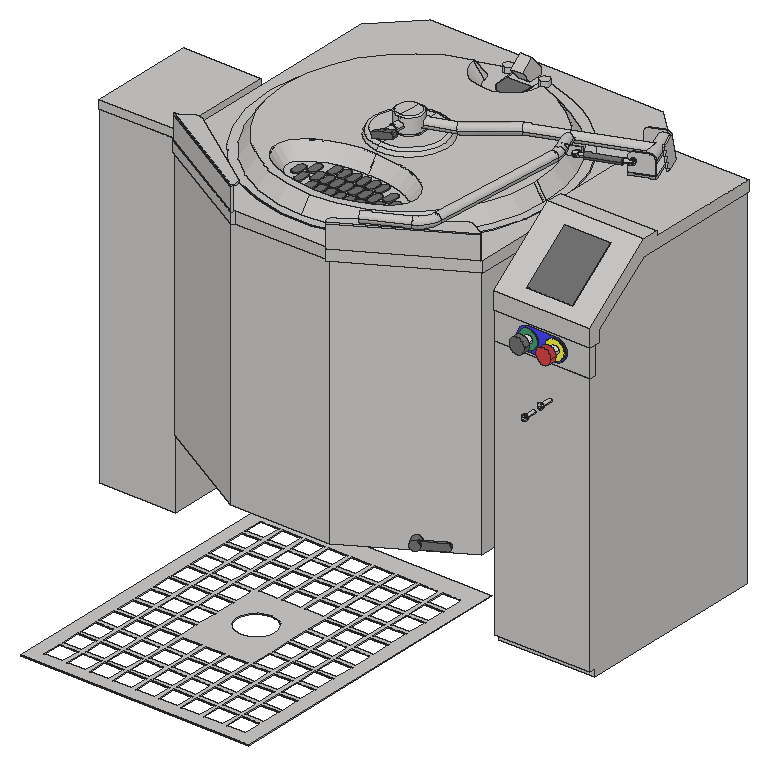
Revit family "QF_DIETATEC_CELER_150_180516035824", category Specialty Equipment, Revit 2015
Parameters
  Width [instance] = 1305 mm
  Weight in Pounds [instance] = 440.92
  Volts [instance] = 400 V
  URL Cutsheet [instance] = ""
  URL = "www.dietatec.com"
  Status [instance] = ""
  Specification by User [instance] = ""
  Specification by Manufacturer [instance] = ""
  Serial Number [instance] = "CELER_150"
  Seismic Rating [instance] = ""
  SMACNA No [instance] = ""
  Revision Code [instance] = ""
  Phase [instance] = 0
  Number of Poles [instance] = 3
  NAFEM Spec ID Number [instance] = ""
  Model = "57634"
  Min Ckt Ampacity [instance] = 0 A
  Max Overcurrent Protection [instance] = 0 A
  Masterspec [instance] = ""
  Manufacturer = "DIETATEC"
  ListPrice [instance] = 0
  Item Number [instance] = ""
  Installed By [instance] = ""
  Identify Quantity as Lot [instance] = yes
  Height [instance] = 1000 mm
  HP [instance] = ""
  Furnished By [instance] = ""
  Foodservice Equipment Identifier [instance] = yes
  FL Amps [instance] = 50 A
  Elec Conn RI Height [instance] = 0 mm
  Elec Conn Connection Height [instance] = 120 mm
  Description = "DIETA CELER 150 KETTLE, ELECTRIC MODEL"
  Depth [instance] = 882 mm
  Cycle [instance] = 50 Hz
  Conn Plug [instance] = ""
  Conn Conduit [instance] = yes
  CSI MasterFormat [instance] = ""
  Assembly Code = "E1090320"
  Apparent Power [instance] = 26000 VA
Reference planes
  plane 1 "Center (Front/Back)": y = 0
  plane 2: z = 0
  plane 3 "Center (Left/Right)": x = 0
Forms (mm)
  Extrusion 1, solid, not visible
    sketch origin (954.4, -182.2, 120) x (1, 0, 0) y (0, 1, 0)
      loop
        line (0, 0) -> (2, 0) -> (2, 2) -> (0, 2) -> (0, 0)
    from 0 to 2
Dimensions and locks
  aligned and locked: level to plane 2
Nested families
  nested 1: "QF_Dietatec_CELER_150_FL" at (0, 0, 0), type "57634_400_3"
    with Width 1305 mm, Status "", Specification by User "", Show Logo yes, Show Clearance yes, Revision Code "", Plumbing Remarks "", Plumbing Connection Type "", Number of Poles 3, ListPrice 0, Item Number "", Installed By "", Identify Quantity as Lot no, Height 1000 mm, Furnished By "", Foodservice Equipment Identifier yes, Electrical Remarks "", Electric Connection Type "", Elec Conn RI Height 0 mm, Elec Conn Connection Height 120 mm, Depth 882 mm, Conn Conduit no, Cold Water RI Height 120 mm, Cold Water Flow 0.0 L/s, Cold Water Consumption "", Cold Water Connection Height 120 mm
  nested 2: "QF_Dietatec_KETTLE_LEFT_LEG" at (0, -84, 0), type "KETTLE_LEFT_LEG"
    with Width 275 mm, Status "", Specification by User "", Show Logo yes, Show Clearance yes, Revision Code "", ListPrice 0, Item Number "", Installed By "", Identify Quantity as Lot no, Height 900 mm, Furnished By "", Foodservice Equipment Identifier yes, Depth 200 mm
Connectors
  electrical at (955.4, -180.2, 121), driven by "Volts"
    settings: on Extrusion 1, index 1, voltage 400 V, apparent load 26000 VA, apparent load phase1 0 VA, apparent load phase2 0 VA, apparent load phase3 0 VA, power factor 1, load classification "Other", number of poles 1, system type 30, power factor state 1, is connector primary yes, connector utility no, sub classification motor no, connector description "Electrical connection"
Definition of nested family "QF_Dietatec_CELER_150_FL"
  Parameters (values of type "57634_400_3")
    Width [instance] = 0 mm
    Weight in Pounds = 440.924
    Watts = 750 W
    Volts = 230 V
    URL Cutsheet = "www.dietatec.com"
    URL = "www.dietatec.com"
    Status [instance] = ""
    Specification by User [instance] = ""
    Specification by Manufacturer = ""
    Show Logo [instance] = yes
    Show Clearance [instance] = yes
    Serial Number = ""
    Seismic Rating = ""
    SMACNA No = ""
    Revision Code [instance] = ""
    Plumbing Remarks [instance] = ""
    Plumbing Connection Type [instance] = ""
    Phase = 1
    Number of Poles [instance] = 1
    NAFEM Spec ID Number = ""
    Model = "57634+43730"
    Min Ckt Ampacity = 0 A
    Max Overcurrent Protection = 0 A
    Masterspec = ""
    Manufacturer = "DIETATEC"
    ListPrice [instance] = 0
    Item Number [instance] = ""
    Installed By [instance] = ""
    Identify Quantity as Lot [instance] = no
    Height [instance] = 0 mm
    HP = "1.005765000000"
    Furnished By [instance] = ""
    Foodservice Equipment Identifier [instance] = yes
    FL Amps = 16 A
    Electrical Remarks [instance] = ""
    Electric Connection Type [instance] = ""
    Elec Conn RI Height [instance] = 0 mm
    Elec Conn Connection Height [instance] = 120 mm
    Description = "DIETA CELER 150 KETTLE, STEAM MODEL"
    Depth [instance] = 0 mm
    Cycle = 50 Hz
    Conn Plug = ""
    Conn Conduit [instance] = no
    Cold Water Temperature Recommended = 0 °C
    Cold Water Size = 12.7 mm
    Cold Water RI Height [instance] = 120 mm
    Cold Water Minimum Pressure = 20000.0 Pa
    Cold Water Maximum Pressure = 50000.0 Pa
    Cold Water Flow [instance] = 0.0 L/s
    Cold Water Consumption [instance] = ""
    Cold Water Connection Height [instance] = 120 mm
    CSI MasterFormat = ""
    Assembly Code = "E1090320"
    Apparent Power = 750 VA
  Reference planes
    plane 1 "Back": y = 0
    plane 2: z = 0
    plane 3 "Left": x = 0
    plane 4 "Right": x = 1101.351
    plane 5 "Front": y = -882.143
    plane 6 "Top": z = 1000
  Forms (mm)
    Extrusion 1, solid
      sketch origin (1928.665, 818.484, 150) x (1, 0, 0) y (0, 1, 0)
        loop
          line (-1804.703, -1372.685) -> (-1804.703, -2172.685) -> (-1204.703, -2172.685) -> (-1204.703, -1372.685) -> (-1804.703, -1372.685)
        loop
          line (-1769.703, -1427.685) -> (-1769.703, -1477.685) -> (-1719.703, -1477.685) -> (-1719.703, -1427.685) -> (-1769.703, -1427.685)
        loop
          line (-1709.703, -1427.685) -> (-1709.703, -1477.685) -> (-1659.703, -1477.685) -> (-1659.703, -1427.685) -> (-1709.703, -1427.685)
        loop
          line (-1649.703, -1427.685) -> (-1649.703, -1477.685) -> (-1599.703, -1477.685) -> (-1599.703, -1427.685) -> (-1649.703, -1427.685)
        loop
          line (-1589.703, -1427.685) -> (-1589.703, -1477.685) -> (-1539.703, -1477.685) -> (-1539.703, -1427.685) -> (-1589.703, -1427.685)
        loop
          line (-1529.703, -1427.685) -> (-1529.703, -1477.685) -> (-1479.703, -1477.685) -> (-1479.703, -1427.685) -> (-1529.703, -1427.685)
        loop
          line (-1469.703, -1427.685) -> (-1469.703, -1477.685) -> (-1419.703, -1477.685) -> (-1419.703, -1427.685) -> (-1469.703, -1427.685)
        loop
          line (-1409.703, -1427.685) -> (-1409.703, -1477.685) -> (-1359.703, -1477.685) -> (-1359.703, -1427.685) -> (-1409.703, -1427.685)
        loop
          line (-1349.703, -1427.685) -> (-1349.703, -1477.685) -> (-1299.703, -1477.685) -> (-1299.703, -1427.685) -> (-1349.703, -1427.685)
        loop
          line (-1289.703, -1427.685) -> (-1289.703, -1477.685) -> (-1239.703, -1477.685) -> (-1239.703, -1427.685) -> (-1289.703, -1427.685)
        loop
          line (-1769.703, -1487.685) -> (-1769.703, -1537.685) -> (-1719.703, -1537.685) -> (-1719.703, -1487.685) -> (-1769.703, -1487.685)
        loop
          line (-1709.703, -1487.685) -> (-1709.703, -1537.685) -> (-1659.703, -1537.685) -> (-1659.703, -1487.685) -> (-1709.703, -1487.685)
        loop
          line (-1649.703, -1487.685) -> (-1649.703, -1537.685) -> (-1599.703, -1537.685) -> (-1599.703, -1487.685) -> (-1649.703, -1487.685)
        loop
          line (-1589.703, -1487.685) -> (-1589.703, -1537.685) -> (-1539.703, -1537.685) -> (-1539.703, -1487.685) -> (-1589.703, -1487.685)
        loop
          line (-1529.703, -1487.685) -> (-1529.703, -1537.685) -> (-1479.703, -1537.685) -> (-1479.703, -1487.685) -> (-1529.703, -1487.685)
        loop
          line (-1469.703, -1487.685) -> (-1469.703, -1537.685) -> (-1419.703, -1537.685) -> (-1419.703, -1487.685) -> (-1469.703, -1487.685)
        loop
          line (-1409.703, -1487.685) -> (-1409.703, -1537.685) -> (-1359.703, -1537.685) -> (-1359.703, -1487.685) -> (-1409.703, -1487.685)
        loop
          line (-1349.703, -1487.685) -> (-1349.703, -1537.685) -> (-1299.703, -1537.685) -> (-1299.703, -1487.685) -> (-1349.703, -1487.685)
        loop
          line (-1289.703, -1487.685) -> (-1289.703, -1537.685) -> (-1239.703, -1537.685) -> (-1239.703, -1487.685) -> (-1289.703, -1487.685)
        loop
          line (-1769.703, -1547.685) -> (-1769.703, -1597.685) -> (-1719.703, -1597.685) -> (-1719.703, -1547.685) -> (-1769.703, -1547.685)
        loop
          line (-1709.703, -1547.685) -> (-1709.703, -1597.685) -> (-1659.703, -1597.685) -> (-1659.703, -1547.685) -> (-1709.703, -1547.685)
        loop
          line (-1649.703, -1547.685) -> (-1649.703, -1597.685) -> (-1599.703, -1597.685) -> (-1599.703, -1547.685) -> (-1649.703, -1547.685)
        loop
          line (-1589.703, -1547.685) -> (-1589.703, -1597.685) -> (-1539.703, -1597.685) -> (-1539.703, -1547.685) -> (-1589.703, -1547.685)
        loop
          line (-1529.703, -1547.685) -> (-1529.703, -1597.685) -> (-1479.703, -1597.685) -> (-1479.703, -1547.685) -> (-1529.703, -1547.685)
        loop
          line (-1469.703, -1547.685) -> (-1469.703, -1597.685) -> (-1419.703, -1597.685) -> (-1419.703, -1547.685) -> (-1469.703, -1547.685)
        loop
          line (-1409.703, -1547.685) -> (-1409.703, -1597.685) -> (-1359.703, -1597.685) -> (-1359.703, -1547.685) -> (-1409.703, -1547.685)
        loop
          line (-1349.703, -1547.685) -> (-1349.703, -1597.685) -> (-1299.703, -1597.685) -> (-1299.703, -1547.685) -> (-1349.703, -1547.685)
        loop
          line (-1289.703, -1547.685) -> (-1289.703, -1597.685) -> (-1239.703, -1597.685) -> (-1239.703, -1547.685) -> (-1289.703, -1547.685)
        loop
          line (-1769.703, -1607.685) -> (-1769.703, -1657.685) -> (-1719.703, -1657.685) -> (-1719.703, -1607.685) -> (-1769.703, -1607.685)
        loop
          line (-1709.703, -1607.685) -> (-1709.703, -1657.685) -> (-1659.703, -1657.685) -> (-1659.703, -1607.685) -> (-1709.703, -1607.685)
        loop
          line (-1649.703, -1607.685) -> (-1649.703, -1657.685) -> (-1599.703, -1657.685) -> (-1599.703, -1607.685) -> (-1649.703, -1607.685)
        loop
          line (-1589.703, -1607.685) -> (-1589.703, -1657.685) -> (-1539.703, -1657.685) -> (-1539.703, -1607.685) -> (-1589.703, -1607.685)
        loop
          line (-1529.703, -1607.685) -> (-1529.703, -1657.685) -> (-1479.703, -1657.685) -> (-1479.703, -1607.685) -> (-1529.703, -1607.685)
        loop
          line (-1469.703, -1607.685) -> (-1469.703, -1657.685) -> (-1419.703, -1657.685) -> (-1419.703, -1607.685) -> (-1469.703, -1607.685)
        loop
          line (-1409.703, -1607.685) -> (-1409.703, -1657.685) -> (-1359.703, -1657.685) -> (-1359.703, -1607.685) -> (-1409.703, -1607.685)
        loop
          line (-1349.703, -1607.685) -> (-1349.703, -1657.685) -> (-1299.703, -1657.685) -> (-1299.703, -1607.685) -> (-1349.703, -1607.685)
        loop
          line (-1289.703, -1607.685) -> (-1289.703, -1657.685) -> (-1239.703, -1657.685) -> (-1239.703, -1607.685) -> (-1289.703, -1607.685)
        loop
          line (-1769.703, -1667.685) -> (-1769.703, -1717.685) -> (-1719.703, -1717.685) -> (-1719.703, -1667.685) -> (-1769.703, -1667.685)
        loop
          line (-1709.703, -1667.685) -> (-1709.703, -1717.685) -> (-1659.703, -1717.685) -> (-1659.703, -1667.685) -> (-1709.703, -1667.685)
        loop
          line (-1649.703, -1667.685) -> (-1649.703, -1717.685) -> (-1599.703, -1717.685) -> (-1599.703, -1667.685) -> (-1649.703, -1667.685)
        loop
          line (-1409.703, -1667.685) -> (-1409.703, -1717.685) -> (-1359.703, -1717.685) -> (-1359.703, -1667.685) -> (-1409.703, -1667.685)
        loop
          line (-1349.703, -1667.685) -> (-1349.703, -1717.685) -> (-1299.703, -1717.685) -> (-1299.703, -1667.685) -> (-1349.703, -1667.685)
        loop
          line (-1289.703, -1667.685) -> (-1289.703, -1717.685) -> (-1239.703, -1717.685) -> (-1239.703, -1667.685) -> (-1289.703, -1667.685)
        loop
          line (-1769.703, -1727.685) -> (-1769.703, -1777.685) -> (-1719.703, -1777.685) -> (-1719.703, -1727.685) -> (-1769.703, -1727.685)
        loop
          line (-1709.703, -1727.685) -> (-1709.703, -1777.685) -> (-1659.703, -1777.685) -> (-1659.703, -1727.685) -> (-1709.703, -1727.685)
        loop
          line (-1649.703, -1727.685) -> (-1649.703, -1777.685) -> (-1599.703, -1777.685) -> (-1599.703, -1727.685) -> (-1649.703, -1727.685)
        loop
          line (-1409.703, -1727.685) -> (-1409.703, -1777.685) -> (-1359.703, -1777.685) -> (-1359.703, -1727.685) -> (-1409.703, -1727.685)
        loop
          line (-1349.703, -1727.685) -> (-1349.703, -1777.685) -> (-1299.703, -1777.685) -> (-1299.703, -1727.685) -> (-1349.703, -1727.685)
        loop
          line (-1289.703, -1727.685) -> (-1289.703, -1777.685) -> (-1239.703, -1777.685) -> (-1239.703, -1727.685) -> (-1289.703, -1727.685)
        loop
          line (-1769.703, -1787.685) -> (-1769.703, -1837.685) -> (-1719.703, -1837.685) -> (-1719.703, -1787.685) -> (-1769.703, -1787.685)
        loop
          line (-1709.703, -1787.685) -> (-1709.703, -1837.685) -> (-1659.703, -1837.685) -> (-1659.703, -1787.685) -> (-1709.703, -1787.685)
        loop
          line (-1649.703, -1787.685) -> (-1649.703, -1837.685) -> (-1599.703, -1837.685) -> (-1599.703, -1787.685) -> (-1649.703, -1787.685)
        loop
          line (-1409.703, -1787.685) -> (-1409.703, -1837.685) -> (-1359.703, -1837.685) -> (-1359.703, -1787.685) -> (-1409.703, -1787.685)
        loop
          line (-1349.703, -1787.685) -> (-1349.703, -1837.685) -> (-1299.703, -1837.685) -> (-1299.703, -1787.685) -> (-1349.703, -1787.685)
        loop
          line (-1289.703, -1787.685) -> (-1289.703, -1837.685) -> (-1239.703, -1837.685) -> (-1239.703, -1787.685) -> (-1289.703, -1787.685)
        loop
          line (-1769.703, -1847.685) -> (-1769.703, -1897.685) -> (-1719.703, -1897.685) -> (-1719.703, -1847.685) -> (-1769.703, -1847.685)
        loop
          line (-1709.703, -1847.685) -> (-1709.703, -1897.685) -> (-1659.703, -1897.685) -> (-1659.703, -1847.685) -> (-1709.703, -1847.685)
        loop
          line (-1649.703, -1847.685) -> (-1649.703, -1897.685) -> (-1599.703, -1897.685) -> (-1599.703, -1847.685) -> (-1649.703, -1847.685)
        loop
          line (-1409.703, -1847.685) -> (-1409.703, -1897.685) -> (-1359.703, -1897.685) -> (-1359.703, -1847.685) -> (-1409.703, -1847.685)
        loop
          line (-1349.703, -1847.685) -> (-1349.703, -1897.685) -> (-1299.703, -1897.685) -> (-1299.703, -1847.685) -> (-1349.703, -1847.685)
        loop
          line (-1289.703, -1847.685) -> (-1289.703, -1897.685) -> (-1239.703, -1897.685) -> (-1239.703, -1847.685) -> (-1289.703, -1847.685)
        loop
          line (-1769.703, -1907.685) -> (-1769.703, -1957.685) -> (-1719.703, -1957.685) -> (-1719.703, -1907.685) -> (-1769.703, -1907.685)
        loop
          line (-1709.703, -1907.685) -> (-1709.703, -1957.685) -> (-1659.703, -1957.685) -> (-1659.703, -1907.685) -> (-1709.703, -1907.685)
        loop
          line (-1649.703, -1907.685) -> (-1649.703, -1957.685) -> (-1599.703, -1957.685) -> (-1599.703, -1907.685) -> (-1649.703, -1907.685)
        loop
          line (-1589.703, -1907.685) -> (-1589.703, -1957.685) -> (-1539.703, -1957.685) -> (-1539.703, -1907.685) -> (-1589.703, -1907.685)
        loop
          line (-1529.703, -1907.685) -> (-1529.703, -1957.685) -> (-1479.703, -1957.685) -> (-1479.703, -1907.685) -> (-1529.703, -1907.685)
        loop
          line (-1469.703, -1907.685) -> (-1469.703, -1957.685) -> (-1419.703, -1957.685) -> (-1419.703, -1907.685) -> (-1469.703, -1907.685)
        loop
          line (-1409.703, -1907.685) -> (-1409.703, -1957.685) -> (-1359.703, -1957.685) -> (-1359.703, -1907.685) -> (-1409.703, -1907.685)
        loop
          line (-1349.703, -1907.685) -> (-1349.703, -1957.685) -> (-1299.703, -1957.685) -> (-1299.703, -1907.685) -> (-1349.703, -1907.685)
        loop
          line (-1289.703, -1907.685) -> (-1289.703, -1957.685) -> (-1239.703, -1957.685) -> (-1239.703, -1907.685) -> (-1289.703, -1907.685)
        loop
          line (-1769.703, -1967.685) -> (-1769.703, -2017.685) -> (-1719.703, -2017.685) -> (-1719.703, -1967.685) -> (-1769.703, -1967.685)
        loop
          line (-1709.703, -1967.685) -> (-1709.703, -2017.685) -> (-1659.703, -2017.685) -> (-1659.703, -1967.685) -> (-1709.703, -1967.685)
        loop
          line (-1649.703, -1967.685) -> (-1649.703, -2017.685) -> (-1599.703, -2017.685) -> (-1599.703, -1967.685) -> (-1649.703, -1967.685)
        loop
          line (-1589.703, -1967.685) -> (-1589.703, -2017.685) -> (-1539.703, -2017.685) -> (-1539.703, -1967.685) -> (-1589.703, -1967.685)
        loop
          line (-1529.703, -1967.685) -> (-1529.703, -2017.685) -> (-1479.703, -2017.685) -> (-1479.703, -1967.685) -> (-1529.703, -1967.685)
        loop
          line (-1469.703, -1967.685) -> (-1469.703, -2017.685) -> (-1419.703, -2017.685) -> (-1419.703, -1967.685) -> (-1469.703, -1967.685)
        loop
          line (-1409.703, -1967.685) -> (-1409.703, -2017.685) -> (-1359.703, -2017.685) -> (-1359.703, -1967.685) -> (-1409.703, -1967.685)
        loop
          line (-1349.703, -1967.685) -> (-1349.703, -2017.685) -> (-1299.703, -2017.685) -> (-1299.703, -1967.685) -> (-1349.703, -1967.685)
        loop
          line (-1289.703, -1967.685) -> (-1289.703, -2017.685) -> (-1239.703, -2017.685) -> (-1239.703, -1967.685) -> (-1289.703, -1967.685)
        loop
          line (-1769.703, -2027.685) -> (-1769.703, -2077.685) -> (-1719.703, -2077.685) -> (-1719.703, -2027.685) -> (-1769.703, -2027.685)
        loop
          line (-1709.703, -2027.685) -> (-1709.703, -2077.685) -> (-1659.703, -2077.685) -> (-1659.703, -2027.685) -> (-1709.703, -2027.685)
        loop
          line (-1649.703, -2027.685) -> (-1649.703, -2077.685) -> (-1599.703, -2077.685) -> (-1599.703, -2027.685) -> (-1649.703, -2027.685)
        loop
          line (-1589.703, -2027.685) -> (-1589.703, -2077.685) -> (-1539.703, -2077.685) -> (-1539.703, -2027.685) -> (-1589.703, -2027.685)
        loop
          line (-1529.703, -2027.685) -> (-1529.703, -2077.685) -> (-1479.703, -2077.685) -> (-1479.703, -2027.685) -> (-1529.703, -2027.685)
        loop
          line (-1469.703, -2027.685) -> (-1469.703, -2077.685) -> (-1419.703, -2077.685) -> (-1419.703, -2027.685) -> (-1469.703, -2027.685)
        loop
          line (-1409.703, -2027.685) -> (-1409.703, -2077.685) -> (-1359.703, -2077.685) -> (-1359.703, -2027.685) -> (-1409.703, -2027.685)
        loop
          line (-1349.703, -2027.685) -> (-1349.703, -2077.685) -> (-1299.703, -2077.685) -> (-1299.703, -2027.685) -> (-1349.703, -2027.685)
        loop
          line (-1289.703, -2027.685) -> (-1289.703, -2077.685) -> (-1239.703, -2077.685) -> (-1239.703, -2027.685) -> (-1289.703, -2027.685)
        loop
          line (-1769.703, -2087.685) -> (-1769.703, -2137.685) -> (-1719.703, -2137.685) -> (-1719.703, -2087.685) -> (-1769.703, -2087.685)
        loop
          line (-1709.703, -2087.685) -> (-1709.703, -2137.685) -> (-1659.703, -2137.685) -> (-1659.703, -2087.685) -> (-1709.703, -2087.685)
        loop
          line (-1649.703, -2087.685) -> (-1649.703, -2137.685) -> (-1599.703, -2137.685) -> (-1599.703, -2087.685) -> (-1649.703, -2087.685)
        loop
          line (-1589.703, -2087.685) -> (-1589.703, -2137.685) -> (-1539.703, -2137.685) -> (-1539.703, -2087.685) -> (-1589.703, -2087.685)
        loop
          line (-1529.703, -2087.685) -> (-1529.703, -2137.685) -> (-1479.703, -2137.685) -> (-1479.703, -2087.685) -> (-1529.703, -2087.685)
        loop
          line (-1469.703, -2087.685) -> (-1469.703, -2137.685) -> (-1419.703, -2137.685) -> (-1419.703, -2087.685) -> (-1469.703, -2087.685)
        loop
          line (-1409.703, -2087.685) -> (-1409.703, -2137.685) -> (-1359.703, -2137.685) -> (-1359.703, -2087.685) -> (-1409.703, -2087.685)
        loop
          line (-1349.703, -2087.685) -> (-1349.703, -2137.685) -> (-1299.703, -2137.685) -> (-1299.703, -2087.685) -> (-1349.703, -2087.685)
        loop
          line (-1289.703, -2087.685) -> (-1289.703, -2137.685) -> (-1239.703, -2137.685) -> (-1239.703, -2087.685) -> (-1289.703, -2087.685)
        loop
          circle (-1504.703, -1772.685) r 50
      from -150 to -148
    Extrusion 2, solid
      sketch origin (-52.149, -1084.701, 0) x (0, 1, 0) y (0, 0, 1)
        loop
          line (899, 0) -> (899, 921.5) -> (555.633, 921.5) -> (410.5, 812.65) -> (410.5, 782.65) -> (397.5, 782.65) -> (397.5, 710.15) -> (382, 710.15) -> (382, 19) -> (397.5, 19) -> (397.5, 0) -> (899, 0)
      from 901 to 1152
    Extrusion 3, solid
      sketch origin (-52.149, -84.701, 0) x (0, 1, 0) y (0, 0, 1)
        loop
          line (-602.5, 782.65) -> (-618, 782.65) -> (-618, 710.15) -> (-602.5, 710.15) -> (-602.5, 782.65)
      from 901 to 1152
    Extrusion 4, solid
      sketch origin (199.351, -816.73, 6.15) x (1, 0, 0) y (0, 0, 1)
        loop
          circle (740, 741) r 10
      from -112.029 to -90
    Extrusion 5, solid
      sketch origin (199.351, -876.73, 6.15) x (1, 0, 0) y (0, 0, 1)
        loop
          circle (740, 741) r 20
      from -150 to -135
    Extrusion 6, solid
      sketch origin (199.351, -852.701, 6.15) x (1, 0, 0) y (0, 0, 1)
        loop
          circle (740, 741) r 25
      from -150 to -148
    Extrusion 7, solid
      sketch origin (269.351, -816.73, 6.15) x (1, 0, 0) y (0, 0, 1)
        loop
          circle (740, 741) r 10
      from -112.029 to -90
    Extrusion 8, solid
      sketch origin (269.351, -876.73, 6.15) x (1, 0, 0) y (0, 0, 1)
        loop
          circle (740, 741) r 20
      from -150 to -135
    Extrusion 9, solid
      sketch origin (269.351, -852.701, 6.15) x (1, 0, 0) y (0, 0, 1)
        loop
          circle (740, 741) r 25
      from -150 to -148
    Extrusion 10, solid
      sketch origin (281.351, -851.701, -53.35) x (1, 0, 0) y (0, 0, 1)
        loop
          arc (658, 830.5) -> (628, 800.5) -> (658, 770.5) r 30
          line (658, 770.5) -> (728, 770.5)
          arc (728, 770.5) -> (758, 800.5) -> (728, 830.5) r 30
          line (728, 830.5) -> (658, 830.5)
      from -150 to -148
    Extrusion 11, solid
      sketch origin (-52.149, -84.701, 0) x (0, 1, 0) y (0, 0, 1)
        loop
          line (-468.4, 941.6) -> (-593.2, 848) -> (-592, 846.4) -> (-467.2, 940) -> (-468.4, 941.6)
      from 966.5 to 1086.5
    Revolve 12, solid
      sketch origin (-52.149, -84.701, 580) x (1, 0, 0) y (0, 1, 0)
        loop
          line (1009.5, -618.013) -> (1005.5, -618.013) -> (1005.5, -651) -> (1012.485, -651)
          arc (1012.485, -651) -> (1012.849, -650.849) -> (1013, -650.485) r 0.515
          line (1013, -650.485) -> (1013, -648.5) -> (1009.5, -648.5) -> (1009.5, -618.013)
        axis (1005.5, -651) -> (1005.5, -618.013)
      angle from 0 to 360
    Revolve 13, solid
      sketch origin (-10.149, -84.701, 622) x (1, 0, 0) y (0, 1, 0)
        loop
          line (1009.5, -618.003) -> (1005.5, -618.003) -> (1005.5, -651) -> (1012.485, -651)
          arc (1012.485, -651) -> (1012.849, -650.849) -> (1013, -650.485) r 0.515
          line (1013, -650.485) -> (1013, -648.5) -> (1009.5, -648.5) -> (1009.5, -618.003)
        axis (1005.5, -651) -> (1005.5, -618.003)
      angle from 0 to 360
    Revolve 14, solid
      sketch origin (449.493, -85.884, 0) x (0.069756, 0.997564, 0) y (0, 0, 1)
        loop
          line (-366, 996.521) -> (-366, 938.475) -> (-268.572, 938.475) -> (-273.65, 947.271)
          arc (-273.65, 947.271) -> (-277.494, 951.114) -> (-282.744, 952.521) r 10.5
          line (-282.744, 952.521) -> (-331, 952.521) -> (-331, 954.521) -> (-332.5, 954.521) -> (-332.5, 993.021) -> (-336, 996.521) -> (-366, 996.521)
        axis (-366, 938.475) -> (-366, 996.521)
      angle from 0 to 360
    Extrusion 15, solid
      sketch origin (-203.222, 0, 0) x (0, 1, 0) y (0, 0, 1)
        loop
          line (-37.248, 900) -> (-37.248, 918.83) -> (-67.358, 954.713) -> (-98.033, 928.974) -> (-73.721, 900) -> (-37.248, 900)
      from 612.168 to 642.201
    Extrusion 16, solid
      sketch origin (-127.888, -501.28, 0) x (0.999977, -0.006728, 0) y (0, 0, 1)
        loop
          arc (524.133, 972.678) -> (522.051, 970.677) -> (521.857, 967.795) r 4.004
          line (521.857, 967.795) -> (523.853, 961.376)
          arc (523.853, 961.376) -> (525.646, 959.116) -> (528.494, 958.65) r 4
          line (528.494, 958.65) -> (545.58, 962.233) -> (562.767, 967.58) -> (578.87, 974.324)
          arc (578.87, 974.324) -> (580.95, 976.323) -> (581.145, 979.201) r 4
          line (581.145, 979.201) -> (579.147, 985.624)
          arc (579.147, 985.624) -> (577.354, 987.884) -> (574.506, 988.35) r 4
          line (574.506, 988.35) -> (557.42, 984.767) -> (540.233, 979.42) -> (524.133, 972.678)
      from 23.355 to 35.355
    Revolve 17, solid
      sketch origin (-125.063, -81.29, 973.5) x (0.999977, -0.006728, 0) y (0.006728, 0.999977, 0)
        loop
          line (541.5, -394.5) -> (541.5, -418.855) -> (542.908, -418.855) -> (542.908, -421.355) -> (547, -421.355) -> (547, -423.355) -> (542.5, -423.355) -> (542.5, -443.355) -> (551.5, -443.355) -> (551.5, -394.5) -> (541.5, -394.5)
        axis (551.5, -443.355) -> (551.5, -394.5)
      angle from 0 to 360
    Sweep 18, solid
      path origin (-29.828, -20.157, 991.467) x (0.997564, -0.069756, 0) y (0.069756, 0.997564, 0)
        loop
          line (713.584, -801.303) -> (810.113, -745.571)
          arc (810.113, -745.571) -> (832.767, -722.926) -> (841.075, -691.99) r 61.924
          line (841.075, -691.99) -> (841.342, -336.075)
          arc (841.342, -336.075) -> (839.866, -322.524) -> (835.486, -309.615) r 62.5
          line (835.486, -309.615) -> (806.642, -247.757)
      profile origin (773.474, -591.617, 991.467) x (-0.997511, 0.070504, 0) y (0, 0, 1)
        loop
          circle (12.5, 0) r 12.5
    Sweep 19, solid
      path origin (-53.323, -634.245, 1.076) x (0.93358, 0.358368, 0) y (0, 0, 1)
        loop
          line (541.187, 957.5) -> (619.254, 957.5) -> (759.731, 979) -> (1039.731, 979)
      profile origin (488.36, -426.313, 958.576) x (0, 0, 1) y (0.358368, -0.93358, 0)
        loop
          circle (12.5, 0) r 12.5
    Extrusion 20, solid
      sketch origin (514.631, -1074.754, -71.981) x (0.866025, 0.5, 0) y (0, 0, 1)
        loop
          circle (315, 303) r 12
      from -150 to -125
    Extrusion 21, solid
      sketch origin (523.631, -1090.342, -71.981) x (0.866025, 0.5, 0) y (0, 0, 1)
        loop
          line (321.633, 293) -> (381, 293)
          arc (381, 293) -> (391, 303) -> (381, 313) r 10
          line (381, 313) -> (321.633, 313)
          arc (321.633, 313) -> (327, 303) -> (321.633, 293) r 12
      from -150 to -145
    Extrusion 22, solid
      sketch origin (-29.828, -20.157, 950) x (0.997564, -0.069756, 0) y (0.069756, 0.997564, 0)
        loop
          line (858.004, -281.002) -> (817.22, -300.02) -> (818.488, -302.739) -> (859.272, -283.721) -> (858.004, -281.002)
      from 30 to 53
    Revolve 23, solid
      sketch origin (-30.062, -20.247, 991.5) x (0.997564, -0.069756, 0) y (0.069756, 0.997564, 0)
        loop
          line (870.848, -285.378) -> (847.634, -296.204)
          arc (847.634, -296.204) -> (847.606, -298.584) -> (848.28, -300.868) r 8
          line (848.28, -300.868) -> (872.75, -289.457) -> (870.848, -285.378)
        loop
          line (944.709, -250.937) -> (946.611, -255.015) -> (971.081, -243.604)
          arc (971.081, -243.604) -> (969.765, -241.62) -> (967.924, -240.112) r 8
          line (967.924, -240.112) -> (944.709, -250.937)
        axis (848.28, -300.868) -> (971.081, -243.604)
      angle from 0 to 360
    Revolve 24, solid
      sketch origin (-29.828, -20.157, 991.5) x (0.997564, -0.069756, 0) y (0.069756, 0.997564, 0)
        loop
          line (872.524, -289.563) -> (946.841, -254.908) -> (943.671, -248.111) -> (869.354, -282.765) -> (872.524, -289.563)
        axis (872.524, -289.563) -> (946.841, -254.908)
      angle from 0 to 360
    Revolve 25, solid
      sketch origin (-29.828, -20.157, 991.83) x (0.997564, -0.069756, 0) y (0.069756, 0.997564, 0)
        loop
          line (856.34, -305.494) -> (858.742, -304.375) -> (845.326, -275.604) -> (843.514, -276.449) -> (843.03, -277.778) -> (848.207, -288.881) -> (846.394, -289.726) -> (847.602, -292.316)
          arc (847.602, -292.316) -> (848.524, -291.928) -> (849.43, -291.504) r 25
          line (849.43, -291.504) -> (851.438, -294.982) -> (856.34, -305.494)
        axis (845.326, -275.604) -> (858.742, -304.375)
      angle from 0 to 360
    Revolve 26, solid
      sketch origin (1294.737, 488.296, 991.83) x (-0.694658, -0.71934, 0) y (0.71934, -0.694658, 0)
        loop
          line (856.34, 305.494) -> (851.438, 294.982) -> (849.43, 291.504)
          arc (849.43, 291.504) -> (848.524, 291.928) -> (847.602, 292.316) r 25
          line (847.602, 292.316) -> (846.394, 289.726) -> (848.207, 288.881) -> (843.03, 277.778) -> (843.514, 276.449) -> (845.326, 275.604) -> (858.742, 304.375) -> (856.34, 305.494)
        axis (845.326, 275.604) -> (858.742, 304.375)
      angle from 0 to 360
    Extrusion 27, solid
      sketch origin (-594.447, -631.182, 0) x (0.93358, 0.358368, 0) y (0, 0, 1)
        loop
          arc (1518.24, 1010.5) -> (1507.633, 1006.107) -> (1503.24, 995.5) r 15
          line (1503.24, 995.5) -> (1503.24, 961.15) -> (1563.24, 961.15) -> (1563.24, 995.5)
          arc (1563.24, 995.5) -> (1558.846, 1006.107) -> (1548.24, 1010.5) r 15
          line (1548.24, 1010.5) -> (1518.24, 1010.5)
      from 141.433 to 145.433
    Extrusion 28, solid
      sketch origin (-556.281, -730.609, 0) x (0.93358, 0.358368, 0) y (0, 0, 1)
        loop
          arc (1518.24, 1010.5) -> (1507.633, 1006.107) -> (1503.24, 995.5) r 15
          line (1503.24, 995.5) -> (1503.24, 961.15) -> (1563.24, 961.15) -> (1563.24, 995.5)
          arc (1563.24, 995.5) -> (1558.846, 1006.107) -> (1548.24, 1010.5) r 15
          line (1548.24, 1010.5) -> (1518.24, 1010.5)
      from 141.433 to 145.433
    Extrusion 29, solid
      sketch origin (-1.81, -614.152, 0) x (0.93358, 0.358368, 0) y (0, 0, 1)
        loop
          circle (988.861, 991.5) r 15
      from -51.05 to 51.45
    Extrusion 30, solid
      sketch origin (509.773, 1179.28, 0) x (0.358368, -0.93358, 0) y (0, 0, 1)
        loop
          line (1435.928, 961.15) -> (1435.928, 959.475)
          arc (1435.928, 959.475) -> (1438.263, 953.836) -> (1443.902, 951.5) r 7.975
          line (1443.902, 951.5) -> (1538.453, 951.5)
          arc (1538.453, 951.5) -> (1544.092, 953.836) -> (1546.428, 959.475) r 7.975
          line (1546.428, 959.475) -> (1546.428, 961.15) -> (1542.428, 961.15) -> (1542.428, 959.475)
          arc (1542.428, 959.475) -> (1541.263, 956.664) -> (1538.453, 955.5) r 3.975
          line (1538.453, 955.5) -> (1443.902, 955.5)
          arc (1443.902, 955.5) -> (1441.092, 956.664) -> (1439.928, 959.475) r 3.975
          line (1439.928, 959.475) -> (1439.928, 961.15) -> (1435.928, 961.15)
      from 116.451 to 176.451
    Extrusion 31, solid
      sketch origin (736.533, 773.531, 13.851) x (0.35671, -0.934215, 0) y (-0.158027, -0.060339, 0.985589)
        loop
          line (1006.415, 961.15) -> (1056.415, 961.15) -> (1056.415, 1013.467)
          arc (1056.415, 1013.467) -> (1054.95, 1017.002) -> (1051.415, 1018.467) r 5
          arc (1051.415, 1018.467) -> (1031.415, 1014.603) -> (1011.415, 1018.467) r 53.69
          arc (1011.415, 1018.467) -> (1007.879, 1017.002) -> (1006.415, 1013.467) r 5
          line (1006.415, 1013.467) -> (1006.415, 961.15)
      from 0 to 4
    Extrusion 32, solid, visible <- "Show Clearance", detail levels coarse
      sketch origin (166.778, 99.339, 0) x (1, 0, 0) y (0, 1, 0)
        loop
          line (-370, -99.339) -> (934.573, -99.339) -> (934.573, 236.46) -> (-370, 236.46) -> (-370, -99.339)
      from 0 to 1013
    Extrusion 33, solid
      sketch origin (94.351, -332.201, -68) x (1, 0, 0) y (0, 0, 1)
        loop
          circle (930, 278) r 15
      from -150 to -146.5
    Extrusion 34, solid
      sketch origin (94.351, -332.201, -158) x (1, 0, 0) y (0, 0, 1)
        loop
          circle (930, 278) r 15
      from -150 to -146.5
    Extrusion 35, solid
      sketch origin (24.351, -332.201, -158) x (1, 0, 0) y (0, 0, 1)
        loop
          circle (930, 278) r 15
      from -150 to -146.5
    Extrusion 36, solid
      sketch origin (94.351, -332.201, -113) x (1, 0, 0) y (0, 0, 1)
        loop
          circle (930, 278) r 15
      from -150 to -146.5
    Revolve 37, solid
      sketch origin (-203.222, 0, 775.847) x (1, 0, 0) y (0, 1, 0)
        loop
          line (224.108, -515.478) -> (218.889, -515.478) -> (218.889, -516.614) -> (204.723, -516.614) -> (204.723, -511.058) -> (203.222, -511.058) -> (203.222, -561.112) -> (224.108, -561.112) -> (224.108, -515.478)
        axis (224.108, -561.112) -> (203.222, -561.112)
      angle from 0 to 360
    Revolve 38, solid
      sketch origin (1051.147, 0, 775.847) x (-1, 0, 0) y (0, -1, 0)
        loop
          line (224.108, 515.478) -> (224.108, 561.112) -> (203.222, 561.112) -> (203.222, 511.058) -> (204.723, 511.058) -> (204.723, 516.614) -> (218.889, 516.614) -> (218.889, 515.478) -> (224.108, 515.478)
        axis (224.108, 561.112) -> (203.222, 561.112)
      angle from 0 to 360
    Extrusion 39, solid
      sketch origin (-203.222, 0, 900.189) x (1, 0, 0) y (0, 1, 0)
        loop
          arc (576.609, -53.748) -> (536.331, -65.59) -> (497.186, -80.765) r 500.546
          arc (497.186, -80.765) -> (454.599, -100.836) -> (414.992, -126.287) r 360.393
          arc (414.992, -126.287) -> (295.076, -260.942) -> (251.775, -435.976) r 375.41
          line (251.775, -435.976) -> (251.775, -450.992)
          arc (251.775, -450.992) -> (627.184, -826.402) -> (1002.594, -450.992) r 375.41
          line (1002.594, -450.992) -> (1002.594, -435.976)
          arc (1002.594, -435.976) -> (959.292, -260.942) -> (839.376, -126.287) r 375.41
          arc (839.376, -126.287) -> (799.769, -100.836) -> (757.182, -80.765) r 360.393
          arc (757.182, -80.765) -> (718.038, -65.59) -> (677.759, -53.748) r 500.546
          arc (677.759, -53.748) -> (667.837, -55.384) -> (662.222, -63.727) r 12.688
          line (662.222, -63.727) -> (662.222, -79.406)
          arc (662.222, -79.406) -> (661.215, -101.611) -> (658.202, -123.634) r 245.268
          arc (658.202, -123.634) -> (627.184, -149.482) -> (596.167, -123.634) r 31.534
          arc (596.167, -123.634) -> (593.153, -101.611) -> (592.146, -79.406) r 245.268
          line (592.146, -79.406) -> (592.146, -63.727)
          arc (592.146, -63.727) -> (586.531, -55.384) -> (576.609, -53.748) r 12.688
      from 0 to 2
    Blend 40, solid
      base sketch origin (-203.222, 0, 0) x (1, 0, 0) y (0, 1, 0)
        loop
          arc (565.942, -127.052) -> (551.856, -105.247) -> (526.149, -101.638) r 31.213
          arc (526.149, -101.638) -> (343.34, -229.334) -> (273.119, -440.981) r 354.065
          line (273.119, -440.981) -> (273.119, -450.992)
          arc (273.119, -450.992) -> (376.822, -701.354) -> (627.184, -805.057) r 354.065
          line (627.184, -805.057) -> (627.184, -729.201)
          spline (627.184, -729.201) -> (586.546, -726.773) -> (548.678, -719.655) -> (516.159, -708.331) -> (491.207, -693.574) -> (475.521, -676.389) -> (470.171, -657.947) -> (475.521, -639.505) -> (491.207, -622.32) -> (516.159, -607.562) -> (548.678, -596.239) -> (586.546, -589.12) -> (627.184, -586.692)
          line (627.184, -586.692) -> (627.184, -180.017)
          arc (627.184, -180.017) -> (586.7, -164.939) -> (565.942, -127.052) r 61.889
      top sketch origin (-203.222, 0, 0) x (1, 0, 0) y (0, 1, 0)
        loop
          arc (533.796, -127.323) -> (364.825, -245.354) -> (299.919, -440.981) r 327.265
          line (299.919, -440.981) -> (299.919, -450.992)
          arc (299.919, -450.992) -> (395.773, -682.403) -> (627.184, -778.257) r 327.265
          line (627.184, -778.257) -> (627.184, -757.947)
          spline (627.184, -757.947) -> (579.303, -754.539) -> (534.684, -744.549) -> (496.369, -728.657) -> (466.97, -707.947) -> (448.488, -683.829) -> (442.184, -657.947) -> (448.488, -632.065) -> (466.97, -607.947) -> (496.369, -587.236) -> (534.684, -571.344) -> (579.303, -561.354) -> (627.184, -557.947)
          line (627.184, -557.947) -> (627.184, -206.817)
          arc (627.184, -206.817) -> (569.169, -185.21) -> (539.422, -130.917) r 88.689
          arc (539.422, -130.917) -> (537.431, -127.834) -> (533.796, -127.323) r 4.413
      from 902.184 to 938.475
    Extrusion 41, solid
      sketch origin (-203.222, 0, 900.184) x (1, 0, 0) y (0, 1, 0)
        loop
          arc (662.003, -89.77) -> (627.184, -88.096) -> (592.365, -89.77) r 362.896
          arc (592.365, -89.77) -> (593.677, -106.768) -> (596.167, -123.634) r 245.268
          arc (596.167, -123.634) -> (627.184, -149.482) -> (658.202, -123.634) r 31.534
          arc (658.202, -123.634) -> (660.691, -106.768) -> (662.003, -89.77) r 245.268
      from 0 to 2
    Extrusion 42, solid
      sketch origin (-203.222, 0, 0) x (1, 0, 0) y (0, 1, 0)
        loop
          line (497.453, -874.954) -> (756.915, -874.954) -> (1030.119, -717.221) -> (1030.119, -101.93) -> (931.697, -3.509) -> (322.671, -3.509) -> (224.25, -101.93) -> (224.25, -717.221) -> (497.453, -874.954)
      from 204.152 to 870.95
    Extrusion 43, solid
      sketch origin (-203.222, 0, 70) x (1, 0, 0) y (0, 1, 0)
        loop
          line (507.053, -874.954) -> (747.315, -874.954) -> (751.465, -882.143) -> (1033.619, -719.241) -> (1033.619, -100.481) -> (933.147, -0.009) -> (321.221, -0.009) -> (220.75, -100.481) -> (220.75, -719.241) -> (502.903, -882.143) -> (507.053, -874.954)
      from 800.95 to 830
    Extrusion 44, solid
      sketch origin (-203.222, 0, 880) x (1, 0, 0) y (0, 1, 0)
        loop
          line (223.155, -720.63) -> (502.903, -882.143) -> (504.653, -879.111) -> (224.905, -717.599) -> (223.155, -720.63)
        loop
          line (751.465, -882.143) -> (1031.213, -720.63) -> (1029.463, -717.599) -> (749.715, -879.111) -> (751.465, -882.143)
      from 20.189 to 79.897
    Extrusion 45, solid
      sketch origin (-203.222, 0, 950) x (1, 0, 0) y (0, 1, 0)
        loop
          line (259.451, -699.701) -> (231.478, -715.851) -> (224.905, -717.599) -> (223.155, -720.63) -> (502.903, -882.143) -> (504.455, -879.454)
          arc (504.455, -879.454) -> (506.663, -865.11) -> (498.6, -853.042) r 20.022
          line (498.6, -853.042) -> (280.946, -700.639)
          arc (280.946, -700.639) -> (270.335, -697.037) -> (259.451, -699.701) r 20.022
        loop
          arc (994.918, -699.701) -> (984.033, -697.037) -> (973.423, -700.639) r 20.022
          line (973.423, -700.639) -> (755.768, -853.042)
          arc (755.768, -853.042) -> (747.705, -865.11) -> (749.913, -879.454) r 20.022
          line (749.913, -879.454) -> (751.465, -882.143) -> (1031.213, -720.63) -> (1029.463, -717.599) -> (1022.891, -715.851) -> (994.918, -699.701)
      from 9.897 to 12.9
    Extrusion 46, solid, visible <- "Show Clearance", detail levels coarse
      sketch origin (-1814.236, -1053.562, 0) x (0.934215, 0.35671, 0) y (0, 0, 1)
        loop
          line (1930.492, 938.475) -> (2840.902, 938.475) -> (2840.902, 1848.885)
          arc (2840.902, 1848.885) -> (2197.145, 1582.232) -> (1930.492, 938.475) r 910.41
      from -156.521 to 610.866
    Blend 47, solid
      base sketch origin (1051.147, 0, 0) x (-1, 0, 0) y (0, -1, 0)
        loop
          arc (565.942, 127.052) -> (586.7, 164.939) -> (627.184, 180.017) r 61.889
          line (627.184, 180.017) -> (627.184, 586.692)
          spline (627.184, 586.692) -> (586.546, 589.12) -> (548.678, 596.239) -> (516.159, 607.562) -> (491.207, 622.32) -> (475.521, 639.505) -> (470.171, 657.947) -> (475.521, 676.389) -> (491.207, 693.574) -> (516.159, 708.331) -> (548.678, 719.655) -> (586.546, 726.773) -> (627.184, 729.201)
          line (627.184, 729.201) -> (627.184, 805.057)
          arc (627.184, 805.057) -> (376.822, 701.354) -> (273.119, 450.992) r 354.065
          line (273.119, 450.992) -> (273.119, 440.981)
          arc (273.119, 440.981) -> (343.34, 229.334) -> (526.149, 101.638) r 354.065
          arc (526.149, 101.638) -> (551.856, 105.247) -> (565.942, 127.052) r 31.213
      top sketch origin (1051.147, 0, 0) x (-1, 0, 0) y (0, -1, 0)
        loop
          arc (533.796, 127.323) -> (537.431, 127.834) -> (539.422, 130.917) r 4.413
          arc (539.422, 130.917) -> (569.169, 185.21) -> (627.184, 206.817) r 88.689
          line (627.184, 206.817) -> (627.184, 557.947)
          spline (627.184, 557.947) -> (579.303, 561.354) -> (534.684, 571.344) -> (496.369, 587.236) -> (466.97, 607.947) -> (448.488, 632.065) -> (442.184, 657.947) -> (448.488, 683.829) -> (466.97, 707.947) -> (496.369, 728.657) -> (534.684, 744.549) -> (579.303, 754.539) -> (627.184, 757.947)
          line (627.184, 757.947) -> (627.184, 778.257)
          arc (627.184, 778.257) -> (395.773, 682.403) -> (299.919, 450.992) r 327.265
          line (299.919, 450.992) -> (299.919, 440.981)
          arc (299.919, 440.981) -> (364.825, 245.354) -> (533.796, 127.323) r 327.265
      from 902.184 to 938.475
    Extrusion 48, solid
      sketch origin (-203.222, 0, 901) x (1, 0, 0) y (0, 1, 0)
        loop
          line (491.5, -647.947) -> (491.5, -667.947)
          arc (491.5, -667.947) -> (501.5, -677.947) -> (511.5, -667.947) r 10
          line (511.5, -667.947) -> (511.5, -647.947)
          arc (511.5, -647.947) -> (501.5, -637.947) -> (491.5, -647.947) r 10
        loop
          line (516.5, -670.447) -> (516.5, -690.447)
          arc (516.5, -690.447) -> (526.5, -700.447) -> (536.5, -690.447) r 10
          line (536.5, -690.447) -> (536.5, -670.447)
          arc (536.5, -670.447) -> (526.5, -660.447) -> (516.5, -670.447) r 10
        loop
          arc (516.5, -645.447) -> (526.5, -655.447) -> (536.5, -645.447) r 10
          line (536.5, -645.447) -> (536.5, -625.447)
          arc (536.5, -625.447) -> (526.5, -615.447) -> (516.5, -625.447) r 10
          line (516.5, -625.447) -> (516.5, -645.447)
        loop
          arc (561.5, -647.947) -> (551.5, -637.947) -> (541.5, -647.947) r 10
          line (541.5, -647.947) -> (541.5, -667.947)
          arc (541.5, -667.947) -> (551.5, -677.947) -> (561.5, -667.947) r 10
          line (561.5, -667.947) -> (561.5, -647.947)
        loop
          arc (574, -688.947) -> (564, -678.947) -> (554, -688.947) r 10
          line (554, -688.947) -> (554, -708.947)
          arc (554, -708.947) -> (564, -718.947) -> (574, -708.947) r 10
          line (574, -708.947) -> (574, -688.947)
        loop
          line (554, -606.947) -> (554, -626.947)
          arc (554, -626.947) -> (564, -636.947) -> (574, -626.947) r 10
          line (574, -626.947) -> (574, -606.947)
          arc (574, -606.947) -> (564, -596.947) -> (554, -606.947) r 10
        loop
          arc (586.5, -647.947) -> (576.5, -637.947) -> (566.5, -647.947) r 10
          line (566.5, -647.947) -> (566.5, -667.947)
          arc (566.5, -667.947) -> (576.5, -677.947) -> (586.5, -667.947) r 10
          line (586.5, -667.947) -> (586.5, -647.947)
        loop
          arc (599, -606.947) -> (589, -596.947) -> (579, -606.947) r 10
          line (579, -606.947) -> (579, -626.947)
          arc (579, -626.947) -> (589, -636.947) -> (599, -626.947) r 10
          line (599, -626.947) -> (599, -606.947)
        loop
          arc (599, -688.947) -> (589, -678.947) -> (579, -688.947) r 10
          line (579, -688.947) -> (579, -708.947)
          arc (579, -708.947) -> (589, -718.947) -> (599, -708.947) r 10
          line (599, -708.947) -> (599, -688.947)
        loop
          arc (591.5, -667.947) -> (601.5, -677.947) -> (611.5, -667.947) r 10
          line (611.5, -667.947) -> (611.5, -647.947)
          arc (611.5, -647.947) -> (601.5, -637.947) -> (591.5, -647.947) r 10
          line (591.5, -647.947) -> (591.5, -667.947)
        loop
          line (604, -606.947) -> (604, -626.947)
          arc (604, -626.947) -> (614, -636.947) -> (624, -626.947) r 10
          line (624, -626.947) -> (624, -606.947)
          arc (624, -606.947) -> (614, -596.947) -> (604, -606.947) r 10
        loop
          arc (624, -688.947) -> (614, -678.947) -> (604, -688.947) r 10
          line (604, -688.947) -> (604, -708.947)
          arc (604, -708.947) -> (614, -718.947) -> (624, -708.947) r 10
          line (624, -708.947) -> (624, -688.947)
        loop
          arc (616.5, -667.947) -> (626.5, -677.947) -> (636.5, -667.947) r 10
          line (636.5, -667.947) -> (636.5, -647.947)
          arc (636.5, -647.947) -> (626.5, -637.947) -> (616.5, -647.947) r 10
          line (616.5, -647.947) -> (616.5, -667.947)
        loop
          arc (649, -688.947) -> (639, -678.947) -> (629, -688.947) r 10
          line (629, -688.947) -> (629, -708.947)
          arc (629, -708.947) -> (639, -718.947) -> (649, -708.947) r 10
          line (649, -708.947) -> (649, -688.947)
        loop
          line (629, -606.947) -> (629, -626.947)
          arc (629, -626.947) -> (639, -636.947) -> (649, -626.947) r 10
          line (649, -626.947) -> (649, -606.947)
          arc (649, -606.947) -> (639, -596.947) -> (629, -606.947) r 10
        loop
          arc (661.5, -647.947) -> (651.5, -637.947) -> (641.5, -647.947) r 10
          line (641.5, -647.947) -> (641.5, -667.947)
          arc (641.5, -667.947) -> (651.5, -677.947) -> (661.5, -667.947) r 10
          line (661.5, -667.947) -> (661.5, -647.947)
        loop
          arc (654, -626.947) -> (664, -636.947) -> (674, -626.947) r 10
          line (674, -626.947) -> (674, -606.947)
          arc (674, -606.947) -> (664, -596.947) -> (654, -606.947) r 10
          line (654, -606.947) -> (654, -626.947)
        loop
          arc (686.5, -647.947) -> (676.5, -637.947) -> (666.5, -647.947) r 10
          line (666.5, -647.947) -> (666.5, -667.947)
          arc (666.5, -667.947) -> (676.5, -677.947) -> (686.5, -667.947) r 10
          line (686.5, -667.947) -> (686.5, -647.947)
        loop
          arc (674, -688.947) -> (664, -678.947) -> (654, -688.947) r 10
          line (654, -688.947) -> (654, -708.947)
          arc (654, -708.947) -> (664, -718.947) -> (674, -708.947) r 10
          line (674, -708.947) -> (674, -688.947)
        loop
          arc (699, -606.947) -> (689, -596.947) -> (679, -606.947) r 10
          line (679, -606.947) -> (679, -626.947)
          arc (679, -626.947) -> (689, -636.947) -> (699, -626.947) r 10
          line (699, -626.947) -> (699, -606.947)
        loop
          arc (699, -688.947) -> (689, -678.947) -> (679, -688.947) r 10
          line (679, -688.947) -> (679, -708.947)
          arc (679, -708.947) -> (689, -718.947) -> (699, -708.947) r 10
          line (699, -708.947) -> (699, -688.947)
        loop
          arc (691.5, -667.947) -> (701.5, -677.947) -> (711.5, -667.947) r 10
          line (711.5, -667.947) -> (711.5, -647.947)
          arc (711.5, -647.947) -> (701.5, -637.947) -> (691.5, -647.947) r 10
          line (691.5, -647.947) -> (691.5, -667.947)
        loop
          arc (716.5, -645.447) -> (726.5, -655.447) -> (736.5, -645.447) r 10
          line (736.5, -645.447) -> (736.5, -625.447)
          arc (736.5, -625.447) -> (726.5, -615.447) -> (716.5, -625.447) r 10
          line (716.5, -625.447) -> (716.5, -645.447)
        loop
          arc (736.5, -670.447) -> (726.5, -660.447) -> (716.5, -670.447) r 10
          line (716.5, -670.447) -> (716.5, -690.447)
          arc (716.5, -690.447) -> (726.5, -700.447) -> (736.5, -690.447) r 10
          line (736.5, -690.447) -> (736.5, -670.447)
        loop
          arc (741.5, -667.947) -> (751.5, -677.947) -> (761.5, -667.947) r 10
          line (761.5, -667.947) -> (761.5, -647.947)
          arc (761.5, -647.947) -> (751.5, -637.947) -> (741.5, -647.947) r 10
          line (741.5, -647.947) -> (741.5, -667.947)
      from 0 to 2
    Extrusion 49, solid
      sketch origin (-203.222, 0, 902.189) x (1, 0, 0) y (0, 1, 0)
        loop
          circle (579.674, -65.891) r 12.519
        loop
          circle (674.694, -65.891) r 12.519
      from 0 to 12
    Extrusion 50, solid
      sketch origin (-52.149, -1084.701, 0) x (0, 1, 0) y (0, 0, 1)
        loop
          line (900.5, 921.5) -> (900.5, 951.5) -> (600.5, 951.5) -> (600.5, 961.15) -> (558.5, 961.15) -> (380.5, 827.65) -> (380.5, 782.65) -> (410.5, 782.65) -> (410.5, 812.65) -> (555.633, 921.5) -> (900.5, 921.5)
      from 899.5 to 1153.5
  Cuts and joins
    joined: Blend 40, Blend 47
  Lines and regions (mm)
    symbolic lines, visible <- "Show Clearance", detail levels coarse
      curve 1: line (1101.351, 335.839, 0) -> (-203.222, 335.839, 0)
    symbolic lines
      curve 2: line (123.963, -780.691, 0) -> (123.963, -1354.201, 0)
      curve 3: line (123.963, -1354.201, 0) -> (723.963, -1354.201, 0)
      curve 4: line (723.963, -1354.201, 0) -> (723.963, -821.565, 0)
      curve 5: line (847.351, -184.201, 0) -> (847.351, -704.201, 0)
      curve 6: line (847.351, -704.201, 0) -> (1101.351, -704.201, 0)
      curve 7: line (1101.351, -184.201, 0) -> (847.351, -184.201, 0)
      curve 8: line (1101.351, -184.201, 0) -> (1101.351, -704.201, 0)
      curve 9: line (929.351, -726.73, 0) -> (929.351, -704.201, 0)
      curve 10: line (929.351, -726.73, 0) -> (919.351, -726.73, 0)
      curve 11: line (919.351, -726.73, 0) -> (919.351, -741.73, 0)
      curve 12: line (919.351, -741.73, 0) -> (959.351, -741.73, 0)
      curve 13: line (959.351, -741.73, 0) -> (959.351, -726.73, 0)
      curve 14: line (959.351, -726.73, 0) -> (957.288, -726.73, 0)
      curve 15: line (957.288, -726.73, 0) -> (957.288, -704.201, 0)
      curve 16: line (989.351, -726.73, 0) -> (991.306, -726.73, 0)
      curve 17: line (991.306, -726.73, 0) -> (991.306, -704.201, 0)
      curve 18: line (989.351, -726.73, 0) -> (989.351, -741.73, 0)
      curve 19: line (989.351, -741.73, 0) -> (1029.351, -741.73, 0)
      curve 20: line (1029.351, -741.73, 0) -> (1029.351, -726.73, 0)
      curve 21: line (1029.351, -726.73, 0) -> (1019.351, -726.73, 0)
      curve 22: line (1019.351, -726.73, 0) -> (1019.351, -704.201, 0)
      curve 23: line (914.351, -553.101, 0) -> (1034.351, -553.101, 0)
      curve 24: line (914.351, -677.901, 0) -> (914.351, -553.101, 0)
      curve 25: line (1034.351, -677.901, 0) -> (914.351, -677.901, 0)
      curve 26: line (1034.351, -553.101, 0) -> (1034.351, -677.901, 0)
      curve 27: line (1101.351, -484.201, 0) -> (847.351, -484.201, 0)
      curve 28: line (847.351, -526.201, 0) -> (1101.351, -526.201, 0)
      curve 29: line (915.648, -203.006, 0) -> (859.633, -224.508, 0)
      curve 30: line (859.633, -224.508, 0) -> (874.953, -264.419, 0)
      curve 31: line (861.066, -228.243, 0) -> (917.081, -206.741, 0)
      curve 32: line (955.247, -306.167, 0) -> (915.648, -203.006, 0)
      curve 33: line (953.814, -302.433, 0) -> (897.799, -323.935, 0)
      curve 34: line (899.232, -327.669, 0) -> (955.247, -306.167, 0)
      curve 35: line (961.478, -271.383, 0) -> (943.643, -224.672, 0)
      curve 36: line (943.643, -224.672, 0) -> (931.692, -229.235, 0)
      curve 37: spline (932.686, -234.208, 0) -> (932.46, -233.595, 0) -> (932.251, -232.989, 0) -> (932.063, -232.397, 0) -> (931.9, -231.832, 0) -> (931.763, -231.302, 0) -> (931.656, -230.816, 0) -> (931.58, -230.384, 0) -> (931.536, -230.012, 0) -> (931.526, -229.706, 0) -> (931.548, -229.472, 0) -> (931.604, -229.314, 0) -> (931.692, -229.235, 0)
      curve 38: spline (946.954, -271.576, 0) -> (945.995, -268.509, 0) -> (944.978, -265.39, 0) -> (943.909, -262.233, 0) -> (942.792, -259.05, 0) -> (941.631, -255.854, 0) -> (940.43, -252.659, 0) -> (939.196, -249.477, 0) -> (937.932, -246.32, 0) -> (936.643, -243.203, 0) -> (935.336, -240.137, 0) -> (934.015, -237.134, 0) -> (932.686, -234.208, 0)
      curve 39: spline (949.528, -275.946, 0) -> (949.409, -275.945, 0) -> (949.262, -275.865, 0) -> (949.09, -275.706, 0) -> (948.894, -275.471, 0) -> (948.678, -275.164, 0) -> (948.447, -274.791, 0) -> (948.203, -274.358, 0) -> (947.952, -273.871, 0) -> (947.697, -273.341, 0) -> (947.443, -272.775, 0) -> (947.194, -272.183, 0) -> (946.954, -271.576, 0)
      curve 40: line (949.528, -275.946, 0) -> (961.478, -271.383, 0)
      curve 41: line (889.074, -217.492, 0) -> (925.806, -313.184, 0)
      curve 42: line (902.96, -253.668, 0) -> (449.96, -427.559, 0)
      curve 43: line (911.92, -277.007, 0) -> (458.962, -450.881, 0)
      curve 44: arc (426.404, -416.077, 0) -> (389.548, -444.618, 0) -> (413.737, -484.465, 0) r 35
      curve 45: arc (433.737, -484.6, 0) -> (458.764, -447.268, 0) -> (426.404, -416.077, 0) r 35
      curve 46: arc (421.87, -480.919, 0) -> (394.036, -448.899, 0) -> (426.055, -421.065, 0) r 30
      curve 47: arc (426.055, -421.065, 0) -> (453.889, -453.085, 0) -> (421.87, -480.919, 0) r 30
      curve 48: line (453.267, -528.546, 0) -> (393.619, -528.145, 0)
      curve 49: line (393.538, -540.144, 0) -> (453.186, -540.546, 0)
      curve 50: line (413.607, -503.778, 0) -> (433.607, -503.913, 0)
      curve 51: line (414.577, -508.285, 0) -> (432.576, -508.406, 0)
      curve 52: line (413.607, -503.778, 0) -> (413.772, -479.208, 0)
      curve 53: line (433.607, -503.913, 0) -> (433.772, -479.343, 0)
      curve 54: line (414.985, -508.288, 0) -> (415.015, -503.788, 0)
      curve 55: line (432.169, -508.403, 0) -> (432.199, -503.904, 0)
      curve 56: line (414.577, -508.285, 0) -> (414.442, -528.285, 0)
      curve 57: line (432.576, -508.406, 0) -> (432.442, -528.406, 0)
      curve 58: line (393.619, -528.145, 0) -> (393.538, -540.144, 0)
      curve 59: line (453.267, -528.546, 0) -> (453.186, -540.546, 0)
      curve 60: line (626.122, -869.285, 0) -> (615.162, -846.815, 0)
      curve 61: line (615.162, -846.815, 0) -> (714.961, -798.14, 0)
      curve 62: line (626.122, -869.285, 0) -> (723.963, -821.565, 0)
      curve 63: line (760.848, -411.226, 0) -> (735.97, -766.993, 0)
      curve 64: line (760.931, -769.086, 0) -> (761.64, -758.938, 0)
      curve 65: line (761.808, -334.63, 0) -> (781.767, -386.625, 0)
      curve 66: line (738.468, -343.589, 0) -> (758.563, -395.937, 0)
      curve 67: line (158.963, -1319.201, 0) -> (208.963, -1319.201, 0)
      curve 68: line (158.963, -1269.201, 0) -> (158.963, -1319.201, 0)
      curve 69: line (208.963, -1269.201, 0) -> (158.963, -1269.201, 0)
      curve 70: line (208.963, -1319.201, 0) -> (208.963, -1269.201, 0)
      curve 71: arc (473.963, -954.201, 0) -> (423.963, -1004.201, 0) -> (373.963, -954.201, 0) r 50
      curve 72: arc (373.963, -954.201, 0) -> (423.963, -904.201, 0) -> (473.963, -954.201, 0) r 50
      curve 73: line (218.963, -1319.201, 0) -> (268.963, -1319.201, 0)
      curve 74: line (218.963, -1269.201, 0) -> (218.963, -1319.201, 0)
      curve 75: line (268.963, -1269.201, 0) -> (218.963, -1269.201, 0)
      curve 76: line (268.963, -1319.201, 0) -> (268.963, -1269.201, 0)
      curve 77: line (278.963, -1319.201, 0) -> (328.963, -1319.201, 0)
      curve 78: line (278.963, -1269.201, 0) -> (278.963, -1319.201, 0)
      curve 79: line (328.963, -1269.201, 0) -> (278.963, -1269.201, 0)
      curve 80: line (328.963, -1319.201, 0) -> (328.963, -1269.201, 0)
      curve 81: line (338.963, -1319.201, 0) -> (388.963, -1319.201, 0)
      curve 82: line (338.963, -1269.201, 0) -> (338.963, -1319.201, 0)
      curve 83: line (388.963, -1269.201, 0) -> (338.963, -1269.201, 0)
      curve 84: line (388.963, -1319.201, 0) -> (388.963, -1269.201, 0)
      curve 85: line (398.963, -1319.201, 0) -> (448.963, -1319.201, 0)
      curve 86: line (398.963, -1269.201, 0) -> (398.963, -1319.201, 0)
      curve 87: line (448.963, -1269.201, 0) -> (398.963, -1269.201, 0)
      curve 88: line (448.963, -1319.201, 0) -> (448.963, -1269.201, 0)
      curve 89: line (458.963, -1319.201, 0) -> (508.963, -1319.201, 0)
      curve 90: line (458.963, -1269.201, 0) -> (458.963, -1319.201, 0)
      curve 91: line (508.963, -1269.201, 0) -> (458.963, -1269.201, 0)
      curve 92: line (508.963, -1319.201, 0) -> (508.963, -1269.201, 0)
      curve 93: line (518.963, -1319.201, 0) -> (568.963, -1319.201, 0)
      curve 94: line (518.963, -1269.201, 0) -> (518.963, -1319.201, 0)
      curve 95: line (568.963, -1269.201, 0) -> (518.963, -1269.201, 0)
      curve 96: line (568.963, -1319.201, 0) -> (568.963, -1269.201, 0)
      curve 97: line (578.963, -1319.201, 0) -> (628.963, -1319.201, 0)
      curve 98: line (578.963, -1269.201, 0) -> (578.963, -1319.201, 0)
      curve 99: line (628.963, -1269.201, 0) -> (578.963, -1269.201, 0)
      curve 100: line (628.963, -1319.201, 0) -> (628.963, -1269.201, 0)
      curve 101: line (638.963, -1319.201, 0) -> (688.963, -1319.201, 0)
      curve 102: line (638.963, -1269.201, 0) -> (638.963, -1319.201, 0)
      curve 103: line (688.963, -1269.201, 0) -> (638.963, -1269.201, 0)
      curve 104: line (688.963, -1319.201, 0) -> (688.963, -1269.201, 0)
      curve 105: line (158.963, -1259.201, 0) -> (208.963, -1259.201, 0)
      curve 106: line (158.963, -1209.201, 0) -> (158.963, -1259.201, 0)
      curve 107: line (208.963, -1209.201, 0) -> (158.963, -1209.201, 0)
      curve 108: line (208.963, -1259.201, 0) -> (208.963, -1209.201, 0)
      curve 109: line (218.963, -1259.201, 0) -> (268.963, -1259.201, 0)
      curve 110: line (218.963, -1209.201, 0) -> (218.963, -1259.201, 0)
      curve 111: line (268.963, -1209.201, 0) -> (218.963, -1209.201, 0)
      curve 112: line (268.963, -1259.201, 0) -> (268.963, -1209.201, 0)
      curve 113: line (278.963, -1259.201, 0) -> (328.963, -1259.201, 0)
      curve 114: line (278.963, -1209.201, 0) -> (278.963, -1259.201, 0)
      curve 115: line (328.963, -1209.201, 0) -> (278.963, -1209.201, 0)
      curve 116: line (328.963, -1259.201, 0) -> (328.963, -1209.201, 0)
      curve 117: line (338.963, -1259.201, 0) -> (388.963, -1259.201, 0)
      curve 118: line (338.963, -1209.201, 0) -> (338.963, -1259.201, 0)
      curve 119: line (388.963, -1209.201, 0) -> (338.963, -1209.201, 0)
      curve 120: line (388.963, -1259.201, 0) -> (388.963, -1209.201, 0)
      curve 121: line (398.963, -1259.201, 0) -> (448.963, -1259.201, 0)
      curve 122: line (398.963, -1209.201, 0) -> (398.963, -1259.201, 0)
      curve 123: line (448.963, -1209.201, 0) -> (398.963, -1209.201, 0)
      curve 124: line (448.963, -1259.201, 0) -> (448.963, -1209.201, 0)
      curve 125: line (458.963, -1259.201, 0) -> (508.963, -1259.201, 0)
      curve 126: line (458.963, -1209.201, 0) -> (458.963, -1259.201, 0)
      curve 127: line (508.963, -1209.201, 0) -> (458.963, -1209.201, 0)
      curve 128: line (508.963, -1259.201, 0) -> (508.963, -1209.201, 0)
      curve 129: line (518.963, -1259.201, 0) -> (568.963, -1259.201, 0)
      curve 130: line (518.963, -1209.201, 0) -> (518.963, -1259.201, 0)
      curve 131: line (568.963, -1209.201, 0) -> (518.963, -1209.201, 0)
